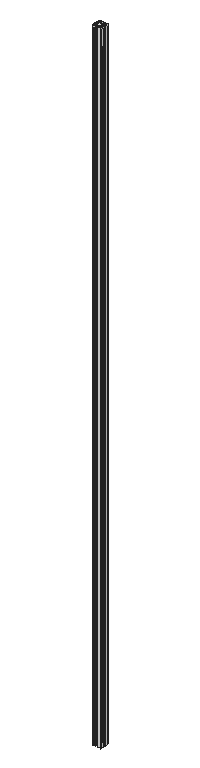
Revit family "Pole-PC2-L-bkt_Rakks", category Specialty Equipment, Revit 2026
Family settings
  Round Connector Dimension = Use Diameter
  Part Type = Normal
  Classification Number = 23.40.50.31.11.14
  Work Plane-Based = No
  Enable Cutting in Views = No
  Always vertical = Yes
  Cut with Voids When Loaded = No
  Maintain Annotation Orientation = No
  Shared = Yes
  Room Calculation Point = No
Parameters (values of type "E Mount")
  Warranty Duration (Years) = 0
  Wall Location [instance] = 1' - 3.74063"
  Unit Height [instance] = 9' - 0"
  URL = "http://www.rakks.com/"
  Test Data = "http://www.rakks.com/pdfs/Rangine_Corporation_Leed_Statement.pdf"
  Specification = "http://www.arcat.com/sdspecs/htm/10670rak.htm"
  Send Message = "http://www.arcat.com/users.pl?action=UserEmail&company=Rangine%20Corp.%20-%20Rakks&coid=35076&rep=116&fax=781-455-8702&mf="
  Sales Information = "http://store.rakks.com/"
  Revision = "R1_03-2010"
  Return to Wall = no
  Product Properties = "http://www.arcat.com/bim/bim_info.pl?fn=Shelving_Rakks"
  Product Data = "http://www.arcat.com/arcatcos/cos35/arc35076.html"
  Model = ""
  Material = Metal - Clear Anodized
  Manufacturer Website = "http://www.rakks.com/"
  Manufacturer Phone - Toll Free = "800-826-6006"
  Manufacturer Phone = "781-455-8700"
  Manufacturer Fax = "781-455-8702"
  Manufacturer Address = "330 Reservoir St., Needham, MA 02494"
  Manufacturer = "Rangine Corp. - Rakks"
  Maintenance Schedule (Months) = 0
  Keynote = "10 56 00"
  Installation-Fabrication = "http://www.rakks.com/literature/install.html"
  Installation Phase = ""
  Green Building-LEED = "http://www.arcat.com/green/clients/leed_data_35076.html"
  Expected Lifespan (Years) = 0
  Drawn By = "Robert S. Weygant, CSI, CDT, SCIP"
  Description = ""
  Default Elevation = 0' - 0"
  Copyright = "2010, ARCAT, Inc"
  Construction Details = "http://www.arcat.com/details/rangine/rangine.html?coid=35076"
  Capacity (Weight) = 0.00 lbf
  Building Codes = ""
  Assembly Code = "E1010500"
Types (8): name | Return to Wall
  (no name) | no
  A Mount | no
  B Mount | no
  C Mount | no
  D Mount | no
  E Mount | no
  F Mount | yes
  G Mount | yes
Reference planes (in)
  plane 1 "Center (Front/Back)": y = 0
  plane 2: z = 0
  plane 3 "Center (Left/Right)": x = 0
  plane 4: z = 108
  plane 5: x = -0.75
  plane 6: y = 0.75
  plane 7: y = -0.75
  plane 8: x = 0.75
  plane 9: y = -15.74063
  plane 10: x = -15.74063
Forms (in)
  Extrusion 1, solid, material "Metal - Clear Anodized" <- "Material"
    sketch origin (0, 0, 0) x (1, 0, 0) y (0, 1, 0)
      loop
        arc (-0.75, 0.19) -> (-0.71772, 0.13529) -> (-0.65423, 0.13709) r 0.0625
        line (-0.65423, 0.13709) -> (-0.63573, 0.10537) -> (-0.31673, 0.10537) -> (-0.31673, -0.08463) -> (-0.61073, -0.08463) -> (-0.6453, -0.1439)
        arc (-0.6453, -0.1439) -> (-0.71269, -0.1328) -> (-0.75, -0.19) r 0.0625
        line (-0.75, -0.19) -> (-0.75, -0.688)
        arc (-0.75, -0.688) -> (-0.73184, -0.73184) -> (-0.688, -0.75) r 0.062
        line (-0.688, -0.75) -> (-0.19, -0.75)
        arc (-0.19, -0.75) -> (-0.14, -0.7) -> (-0.19, -0.65) r 0.05
        line (-0.19, -0.65) -> (-0.455, -0.65)
        arc (-0.455, -0.65) -> (-0.57521, -0.60021) -> (-0.625, -0.48) r 0.17
        line (-0.625, -0.48) -> (-0.625, -0.355)
        arc (-0.625, -0.355) -> (-0.57521, -0.23479) -> (-0.455, -0.185) r 0.17
        line (-0.455, -0.185) -> (-0.31, -0.185) -> (-0.31, -0.31) -> (0.31, -0.31) -> (0.31, -0.185) -> (0.455, -0.185)
        arc (0.455, -0.185) -> (0.57521, -0.23479) -> (0.625, -0.355) r 0.17
        line (0.625, -0.355) -> (0.625, -0.48)
        arc (0.625, -0.48) -> (0.57521, -0.60021) -> (0.455, -0.65) r 0.17
        line (0.455, -0.65) -> (0.19, -0.65)
        arc (0.19, -0.65) -> (0.14, -0.7) -> (0.19, -0.75) r 0.05
        line (0.19, -0.75) -> (0.688, -0.75)
        arc (0.688, -0.75) -> (0.73184, -0.73184) -> (0.75, -0.688) r 0.062
        line (0.75, -0.688) -> (0.75, -0.19)
        arc (0.75, -0.19) -> (0.71269, -0.1328) -> (0.6453, -0.1439) r 0.0625
        line (0.6453, -0.1439) -> (0.61073, -0.08463) -> (0.31673, -0.08463) -> (0.31673, 0.10537) -> (0.63573, 0.10537) -> (0.65423, 0.13709)
        arc (0.65423, 0.13709) -> (0.71772, 0.13529) -> (0.75, 0.19) r 0.0625
        line (0.75, 0.19) -> (0.75, 0.688)
        arc (0.75, 0.688) -> (0.73184, 0.73184) -> (0.688, 0.75) r 0.062
        line (0.688, 0.75) -> (0.19, 0.75)
        arc (0.19, 0.75) -> (0.14, 0.7) -> (0.19, 0.65) r 0.05
        line (0.19, 0.65) -> (0.455, 0.65)
        arc (0.455, 0.65) -> (0.57521, 0.60021) -> (0.625, 0.48) r 0.17
        line (0.625, 0.48) -> (0.625, 0.355)
        arc (0.625, 0.355) -> (0.57521, 0.23479) -> (0.455, 0.185) r 0.17
        line (0.455, 0.185) -> (0.31, 0.185) -> (0.31, 0.31) -> (-0.31, 0.31) -> (-0.31, 0.185) -> (-0.455, 0.185)
        arc (-0.455, 0.185) -> (-0.57521, 0.23479) -> (-0.625, 0.355) r 0.17
        line (-0.625, 0.355) -> (-0.625, 0.48)
        arc (-0.625, 0.48) -> (-0.57521, 0.60021) -> (-0.455, 0.65) r 0.17
        line (-0.455, 0.65) -> (-0.19, 0.65)
        arc (-0.19, 0.65) -> (-0.14, 0.7) -> (-0.19, 0.75) r 0.05
        line (-0.19, 0.75) -> (-0.688, 0.75)
        arc (-0.688, 0.75) -> (-0.73184, 0.73184) -> (-0.75, 0.688) r 0.062
        line (-0.75, 0.688) -> (-0.75, 0.19)
    from 0 to 108
  Extrusion 2, solid, material "Metal - Clear Anodized" <- "Material", visible <- "Return to Wall"
    sketch origin (-8.47259, 0.00128, 0) x (0, -1, 0) y (0, 0, 1)
      loop
        arc (-0.75, 107.44) -> (-0.71772, 107.38529) -> (-0.65423, 107.38709) r 0.0625
        line (-0.65423, 107.38709) -> (-0.63573, 107.35537) -> (-0.31673, 107.35537) -> (-0.31673, 107.16537) -> (-0.61073, 107.16537) -> (-0.6453, 107.1061)
        arc (-0.6453, 107.1061) -> (-0.71269, 107.1172) -> (-0.75, 107.06) r 0.0625
        line (-0.75, 107.06) -> (-0.75, 106.562)
        arc (-0.75, 106.562) -> (-0.73184, 106.51816) -> (-0.688, 106.5) r 0.062
        line (-0.688, 106.5) -> (-0.19, 106.5)
        arc (-0.19, 106.5) -> (-0.14, 106.55) -> (-0.19, 106.6) r 0.05
        line (-0.19, 106.6) -> (-0.455, 106.6)
        arc (-0.455, 106.6) -> (-0.57521, 106.64979) -> (-0.625, 106.77) r 0.17
        line (-0.625, 106.77) -> (-0.625, 106.895)
        arc (-0.625, 106.895) -> (-0.57521, 107.01521) -> (-0.455, 107.065) r 0.17
        line (-0.455, 107.065) -> (-0.31, 107.065) -> (-0.31, 106.94) -> (0.31, 106.94) -> (0.31, 107.065) -> (0.455, 107.065)
        arc (0.455, 107.065) -> (0.57521, 107.01521) -> (0.625, 106.895) r 0.17
        line (0.625, 106.895) -> (0.625, 106.77)
        arc (0.625, 106.77) -> (0.57521, 106.64979) -> (0.455, 106.6) r 0.17
        line (0.455, 106.6) -> (0.19, 106.6)
        arc (0.19, 106.6) -> (0.14, 106.55) -> (0.19, 106.5) r 0.05
        line (0.19, 106.5) -> (0.688, 106.5)
        arc (0.688, 106.5) -> (0.73184, 106.51816) -> (0.75, 106.562) r 0.062
        line (0.75, 106.562) -> (0.75, 107.06)
        arc (0.75, 107.06) -> (0.71269, 107.1172) -> (0.6453, 107.1061) r 0.0625
        line (0.6453, 107.1061) -> (0.61073, 107.16537) -> (0.31673, 107.16537) -> (0.31673, 107.35537) -> (0.63573, 107.35537) -> (0.65423, 107.38709)
        arc (0.65423, 107.38709) -> (0.71772, 107.38529) -> (0.75, 107.44) r 0.0625
        line (0.75, 107.44) -> (0.75, 107.938)
        arc (0.75, 107.938) -> (0.73184, 107.98184) -> (0.688, 108) r 0.062
        line (0.688, 108) -> (0.19, 108)
        arc (0.19, 108) -> (0.14, 107.95) -> (0.19, 107.9) r 0.05
        line (0.19, 107.9) -> (0.455, 107.9)
        arc (0.455, 107.9) -> (0.57521, 107.85021) -> (0.625, 107.73) r 0.17
        line (0.625, 107.73) -> (0.625, 107.605)
        arc (0.625, 107.605) -> (0.57521, 107.48479) -> (0.455, 107.435) r 0.17
        line (0.455, 107.435) -> (0.31, 107.435) -> (0.31, 107.56) -> (-0.31, 107.56) -> (-0.31, 107.435) -> (-0.455, 107.435)
        arc (-0.455, 107.435) -> (-0.57521, 107.48479) -> (-0.625, 107.605) r 0.17
        line (-0.625, 107.605) -> (-0.625, 107.73)
        arc (-0.625, 107.73) -> (-0.57521, 107.85021) -> (-0.455, 107.9) r 0.17
        line (-0.455, 107.9) -> (-0.19, 107.9)
        arc (-0.19, 107.9) -> (-0.14, 107.95) -> (-0.19, 108) r 0.05
        line (-0.19, 108) -> (-0.688, 108)
        arc (-0.688, 108) -> (-0.73184, 107.98184) -> (-0.75, 107.938) r 0.062
        line (-0.75, 107.938) -> (-0.75, 107.44)
    from -9.22259 to 7.26804
Dimensions and locks (in)
  "Unit Height": plane 4 to plane 2
  "Wall Location": plane 1 "Center (Front/Back)" to plane 9
  "Wall Location": plane 10 to plane 3 "Center (Left/Right)"
  aligned and locked: plane 4 to Extrusion 1
  aligned and locked: Extrusion 2 to plane 8
  aligned and locked: Extrusion 2 to plane 10
Automatic sketch dimensions
  Extrusion 2 sketch curve to plane 4 = 0' - 0.56"
  Extrusion 2 sketch curve to Extrusion 2 sketch curve = 0' - 0"  (x3)
  Extrusion 2 sketch curve to Extrusion 2 sketch curve = 0' - 0.062"  (x4)
  Extrusion 2 sketch curve to Extrusion 2 sketch curve = 0' - 0 1/16"  (x3)
  Extrusion 2 sketch curve to plane 4 = 0' - 0.61291"
  Extrusion 2 sketch curve to Extrusion 2 sketch curve = 0' - 0.0422"  (x2)
  Extrusion 2 sketch curve to Extrusion 2 sketch curve = 0' - 0.01851"  (x2)
  Extrusion 2 sketch curve to Extrusion 2 sketch curve = 0' - 0.063"
  Extrusion 2 sketch curve to Extrusion 2 sketch curve = 0' - 0.03457"  (x2)
  Extrusion 2 sketch curve to Extrusion 2 sketch curve = 0' - 0.18073"
  Extrusion 2 sketch curve to Extrusion 2 sketch curve = 0' - 0.233"  (x4)
  Extrusion 2 sketch curve to Extrusion 2 sketch curve = 0' - 0.15573"  (x2)
  Extrusion 2 sketch curve to Extrusion 2 sketch curve = 0' - 0.13827"
  Extrusion 2 sketch curve to Extrusion 2 sketch curve = 0' - 0.00673"  (x2)
  Extrusion 2 sketch curve to Extrusion 2 sketch curve = 0' - 0.145"  (x3)
  Extrusion 2 sketch curve to Extrusion 2 sketch curve = 0' - 0.265"  (x4)
  Extrusion 2 sketch curve to Extrusion 2 sketch curve = 0' - 0.38"  (x2)
  Extrusion 2 sketch curve to Extrusion 2 sketch curve = 0' - 0.12"
  Extrusion 2 sketch curve to Extrusion 2 sketch curve = 0' - 0.17"  (x2)
  Extrusion 2 sketch curve to Extrusion 2 sketch curve = 0' - 0.025"
  Extrusion 2 sketch curve to Extrusion 2 sketch curve = 0' - 0.03327"
  Extrusion 2 sketch curve to Extrusion 2 sketch curve = 0' - 0.03172"  (x2)
  Extrusion 2 sketch curve to Extrusion 2 sketch curve = 0' - 0.19"  (x2)
  Extrusion 2 sketch curve to Extrusion 2 sketch curve = 0' - 0.05926"  (x2)
  Extrusion 2 sketch curve to Extrusion 2 sketch curve = 0' - 0.10037"  (x2)
  Extrusion 2 sketch curve to Extrusion 2 sketch curve = 0' - 0 1/8"  (x6)
  Extrusion 2 sketch curve to Extrusion 2 sketch curve = 0' - 0.208"  (x4)
  Extrusion 2 sketch curve to Extrusion 2 sketch curve = 0' - 0.07963"  (x2)
  Extrusion 1 sketch curve to plane 5 = 0' - 0"  (x2)
  Extrusion 1 sketch curve to plane 6 = 0' - 0"  (x2)
  Extrusion 1 sketch curve to plane 7 = 0' - 0"  (x2)
  Extrusion 1 sketch curve to plane 8 = 0' - 0"  (x2)
  Extrusion 1 sketch curve to plane 5 = 0' - 0.062"
  Extrusion 1 sketch curve to Extrusion 1 sketch curve = 0' - 0.062"
  Extrusion 1 sketch curve to Extrusion 1 sketch curve = 0' - 0 1/16"  (x4)
  Extrusion 1 sketch curve to Extrusion 1 sketch curve = 0' - 0.03327"
  Extrusion 1 sketch curve to Extrusion 1 sketch curve = 0' - 0.0422"
  Extrusion 1 sketch curve to Extrusion 1 sketch curve = 0' - 0.01851"  (x2)
  Extrusion 1 sketch curve to plane 5 = 0' - 0 1/8"  (x2)
  Extrusion 1 sketch curve to Extrusion 1 sketch curve = 0' - 0.03457"  (x2)
  Extrusion 1 sketch curve to Extrusion 1 sketch curve = 0' - 0.18073"
  Extrusion 1 sketch curve to plane 6 = 0' - 0.1"  (x2)
  Extrusion 1 sketch curve to Extrusion 1 sketch curve = 0' - 0.233"  (x2)
  Extrusion 1 sketch curve to plane 7 = 0' - 0.1"  (x2)
  Extrusion 1 sketch curve to Extrusion 1 sketch curve = 0' - 0.15573"
  plane 1 "Center (Front/Back)" to Extrusion 1 sketch curve = 0' - 0.08463"
  Extrusion 1 sketch curve to Extrusion 1 sketch curve = 0' - 0.13827"
  Extrusion 1 sketch curve to Extrusion 1 sketch curve = 0' - 0.00673"  (x2)
  Extrusion 1 sketch curve to Extrusion 1 sketch curve = 0' - 0.145"  (x3)
  Extrusion 1 sketch curve to plane 3 "Center (Left/Right)" = 0' - 0.19"  (x2)
  plane 3 "Center (Left/Right)" to Extrusion 1 sketch curve = 0' - 0.19"  (x2)
  plane 3 "Center (Left/Right)" to Extrusion 1 sketch curve = 0' - 0.31"  (x2)
  plane 1 "Center (Front/Back)" to Extrusion 1 sketch curve = 0' - 0.185"
  Extrusion 1 sketch curve to Extrusion 1 sketch curve = 0' - 0.265"  (x2)
  Extrusion 1 sketch curve to plane 8 = 0' - 0.13927"
  Extrusion 1 sketch curve to plane 8 = 0' - 0 1/8"  (x2)
  Extrusion 1 sketch curve to plane 8 = 0' - 0.11427"
  Extrusion 1 sketch curve to plane 8 = 0' - 0.062"  (x2)
  Extrusion 1 sketch curve to Extrusion 1 sketch curve = 0' - 0 1/8"  (x3)
  plane 1 "Center (Front/Back)" to Extrusion 1 sketch curve = 0' - 0.19"
  Extrusion 1 sketch curve to Extrusion 1 sketch curve = 0' - 0.10537"
  Extrusion 1 sketch curve to Extrusion 1 sketch curve = 0' - 0.05926"
  Extrusion 1 sketch curve to plane 1 "Center (Front/Back)" = 0' - 0.10537"  (x2)
  Extrusion 1 sketch curve to Extrusion 1 sketch curve = 0' - 0.03172"  (x2)
  Extrusion 1 sketch curve to Extrusion 1 sketch curve = 0' - 0.07963"  (x2)
  Extrusion 2 sketch curve to plane 7 = 0' - 1.50128"
